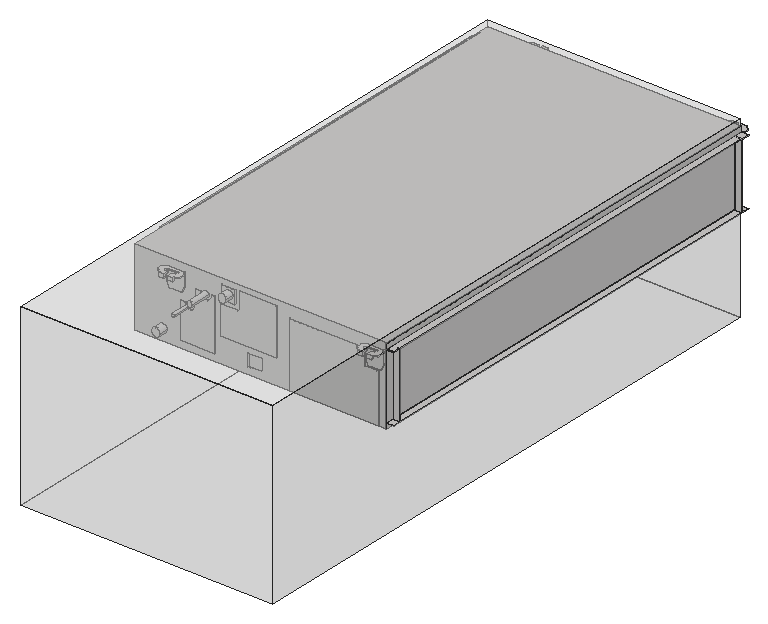
Revit family "outputfile", category 機械設備, Revit 2024
Family settings
  丸型コネクタ寸法 = 半径を使用
  パーツ タイプ = 標準
  OmniClass 番号 = 23.75.10.24.21.27.27
  OmniClass タイトル = Split System Air Conditioning Units
  作業面ベース = いいえ
  常に垂直 = はい
  ロード時にボイドで切り取り = いいえ
  注釈の向きを維持 = いいえ
  共有 = いいえ
  部屋計算ポイント = はい
Parameters (values of type "FXSA100AVMS")
  製造元 = "Daikin"
  書き出し IFC クラス(タイプ) = "IfcUnitaryEquipmentType"
  定義済み IFC タイプ(タイプ) = "AIRCONDITIONINGUNIT"
  モデル = "FXSA100AVMS"
  switch_frequency = yes
  r_Liquid Pipe Size = Liquid Pipe Size / 2  # 4.75 mm
  r_Gas Pipe Size = Gas Pipe Size / 2  # 7.95 mm
  r_Drain Pipe Size = Drain Pipe Size / 2  # 12.5 mm
  lw_power = 770.0 mm
  lh_SA = 138.0 mm
  lw_SA = if(Width = 550.0 mm, 225.0 mm, if(Width = 700.0 mm, 300.0 mm, if(Width = 1000.0 mm, 450.0 mm, if(Width = 1400.0 mm, 650.0 mm, 725.0 mm))))  # 650.0 mm
  lw_RA = if(Width = 550.0 mm, 275.0 mm, if(Width = 700.0 mm, 349.0 mm, if(Width = 1000.0 mm, 499.0 mm, if(Width = 1400.0 mm, 699.0 mm, 775.0 mm))))  # 699.0 mm
  lh_power = 60.0 mm + [h***]  # 60.0 mm
  lh_mountinghole1 = lh_mountinghole + [h***]  # 222.0 mm
  lh_RA = 123.0 mm
  ld_power = Width / 2  # 700.0 mm
  connector_voltage = Voltage_50Hz  # 220 V
  connector_powerinput = [Power Input (Cooling)]  # 0.151 kW
  connector_phase = Phase_50Hz  # 1
  Voltage_comment_50Hz = "220"
  Voltage_50Hz = 220 V
  Total Heating Capacity [instance] = 0.000 kW
  Supply Air Direction [instance] = yes
  Sound Power Level_H speed (dB) = 67
  Power Input (Heating) = 0.146 kW
  Phase_50Hz = 1
  Nominal Heating Capacity = 12.500 kW
  Minimum External Static Pressure = 50.00 Pa
  Minimum Circuit Amps_50Hz = 2.5 A
  Maximum Fuse Amps_50Hz = 16.0 A
  Maximum External Static Pressure = 150.00 Pa
  Material_Casing = DAIKIN_GalvanizedSteel_Casing_indoorunit
  lw_mountinghole = 630.0 mm
  lh_gaspipe = 183.0 mm + [h***]  # 183.0 mm
  lh_mountinghole = 222.0 mm
  lh_liquidpipe = 136.0 mm + [h***]  # 136.0 mm
  lh_drainpipe = 207.0 mm + [h***]  # 207.0 mm
  lh_antena = Height - lh_mountinghole + 1.0 mm  # 24.0 mm
  ld_drainpipe = Width / 2 + 26.0 mm  # 726.0 mm
  ld_liquidpipe = 769.0 mm
  ld_gaspipe = Width / 2 + 65.0 mm  # 765.0 mm
  ld_mountinghole = Width + 38.0 mm  # 1438.0 mm
  h*** = 0.0 mm
  lw_liquidpipe = 179.0 mm
  lw_gaspipe = 229.0 mm
  lw_drainpipe = 300.0 mm
  Width = 1400.0 mm
  Version = "ver.1.0"
  Unit Type = "Duct_M.S.P."
  Unit Mass Weight = 46.00 kg
  Unit Designation [instance] = ""
  Uniclass2015Version = "Products v1.30"
  Uniclass2015Title = "Variable refrigerant flow units"
  Uniclass2015Code = "Pr_70_65_03_94"
  Total Cooling Capacity [instance] = 0.000 kW
  Sound Pressure Level_M speed (dBA) = 35
  Sound Pressure Level_L speed (dBA) = 32
  Sound Pressure Level_H speed (dBA) = 39
  Series = "VRV Fan Coil Unit"
  Sensible Cooling Capacity [instance] = 0.000 kW
  SA Duct Size Width = 1192.0 mm
  SA Duct Size Height = 176.0 mm
  Refrigerant Type = "R32"
  RA Duct Size Width = 1352.0 mm
  RA Duct Size Height = 208.0 mm
  Power Input (Cooling) = 0.151 kW
  Option Accessory 3 [instance] = ""
  Option Accessory 2 [instance] = ""
  Option Accessory 1 [instance] = ""
  Nominal Cooling Capacity = 11.200 kW
  Minimum Airflow = 1350.00 m³/h
  Median Airflow = 1620.00 m³/h
  Maximum Airflow = 1920.00 m³/h
  Load Classification = HVAC
  Liquid Pipe Size = 9.5 mm
  Link_Nested Family [instance] = ""
  IfcVersion = ""
  IfcExportType = "AIRCONDITIONINGUNIT"
  IfcExportAs = "IfcUnitaryEquipmentType"
  Height = 245.0 mm
  Heating Entering Wet Bulb Temperature [instance] = -273.15 °C
  Heating Entering Dry Bulb Temperature [instance] = -273.15 °C
  Heating Ambient Wet Bulb Temperature [instance] = -273.15 °C
  Heating Ambient Dry Bulb Temperature [instance] = -273.15 °C
  Heat Exchanger Type = "Cross Fin Coil"
  Gas Pipe Size = 15.9 mm
  Frequency_50Hz = 50 Hz
  Fan Type = "Sirocco Fan"
  Fan Drive = "Direct Drive"
  FCU Tag No. [instance] = ""
  Drain Pipe Size = 25.0 mm
  Design Supply Airflow [instance] = 0.00 m³/h
  Design Return Airflow [instance] = 0.00 m³/h
  Design External Static Pressure [instance] = 0.00 Pa
  Depth = 800.0 mm
  既定の高さ = 0.0 mm
  Cooling Entering Wet Bulb Temperature [instance] = 0.00 °C
  Cooling Entering Dry Bulb Temperature [instance] = 0.00 °C
  Cooling Ambient Wet Bulb Temperature [instance] = 0.00 °C
  Cooling Ambient Dry Bulb Temperature [instance] = 0.00 °C
  Clearance visibility [instance] = yes
  Clearance Top = 20.0 mm
  Clearance Right = 0.0 mm
  Clearance Rear = 0.0 mm
  Clearance Left = 0.0 mm
  Clearance Front = 450.0 mm
  Clearance Bottom = 300.0 mm
Reference planes
  plane 1 "Center (Front/Back)": y = 0
  plane 2 "h": z = 0
  plane 3 "Center (Left/Right)": x = 0
  plane 4 "Back": y = 700
  plane 5 "Front": y = -700
  plane 6 "Left": x = -400
  plane 7 "Right": x = 400
  plane 8 "Top": z = 0
  plane 9 "Bottom": z = -245
  plane 10: y = -215
  plane 11: y = 700
  plane 12: y = -1150
  plane 13: x = -400
  plane 14: x = 400
  plane 15: z = 20
  plane 16: z = -545
  plane 17: x = -400
  plane 18: x = -399
  plane 19: x = 399
  plane 20: y = 50
  plane 21: y = -1
  plane 22: z = -122
  plane 23: y = -701
  plane 24: z = -109
  plane 25: x = -221
  plane 26: y = -765
  plane 27: z = -62
  plane 28: x = -171
  plane 29: y = -726
  plane 30: z = -38
  plane 31: x = -100
  plane 32: x = -100
  plane 33: x = -221
  plane 34: x = -171
  plane 35: x = 370
  plane 36: x = -266
  plane 37: x = 364
  plane 38: y = -719
  plane 39: y = 719
  plane 40: z = -23
  plane 41: z = -107
  plane 42: y = -769
  plane 43: z = -207
  plane 44: x = -309
  plane 45: y = -376
  plane 46: x = -251
  plane 47: x = -203
  plane 48: x = -144
  plane 49: z = -59
  plane 50: z = -106
  plane 51: z = -221
  plane 52: z = -109
  plane 53: x = -221
  plane 54: z = -62
  plane 55: x = -171
  plane 56: z = -17
  plane 57: z = -59
  plane 58: x = -121
  plane 59: x = -79
  plane 60: x = -125
  plane 61: x = -64
  plane 62: x = 53
  plane 63: z = -164
  plane 64: z = -73
  plane 65: z = -16
  plane 66: x = 93.5
  plane 67: x = 374.5
  plane 68: x = 330
  plane 69: z = -88.5
  plane 70: z = -38
  plane 71: z = -242.5
  plane 72: x = -38.5
  plane 73: x = 6.5
  plane 74: z = -181
  plane 75: z = -221
  plane 76: y = -699
  plane 77: x = -424
  plane 78: x = 424
Forms (mm)
  Extrusion 1, solid, material "DAIKIN_GalvanizedSteel_Casing_indoorunit" <- "Material_Casing"
    sketch origin (0, 0, 0) x (1, 0, 0) y (0, 1, 0)
      loop
        line (-399, 700) -> (-399, -700) -> (399, -700) -> (399, 700) -> (-399, 700)
    from -245 to 0
  Extrusion 2, solid, material "DAIKIN_GalvanizedSteel_Casing_indoorunit" <- "Material_Casing"
    sketch origin (0, 0, 0) x (1, 0, 0) y (0, 0, 1)
      loop
        line (-251, -221) -> (-144, -221) -> (-144, -59) -> (-154.47, -59)
        arc (-154.47, -59) -> (-171, -78.8) -> (-187.53, -59) r 16.8
        line (-187.53, -59) -> (-203, -59) -> (-203, -106) -> (-206.916, -106)
        arc (-206.916, -106) -> (-221, -123.4) -> (-235.084, -106) r 14.4
        line (-235.084, -106) -> (-251, -106) -> (-251, -221)
    from 700 to 701
  Extrusion 3, solid, material "DAIKIN_GalvanizedSteel_Casing_indoorunit" <- "Material_Casing"
    sketch origin (0, 0, 0) x (1, 0, 0) y (0, 0, 1)
      loop
        line (-121, -17) -> (-121, -59) -> (-79, -59) -> (-79, -17) -> (-121, -17)
      loop
        line (-125, -73) -> (-125, -164) -> (53, -164) -> (53, -16) -> (-64, -16) -> (-64, -73) -> (-125, -73)
    from 700 to 701
  Extrusion 4, solid, material "DAIKIN_GalvanizedSteel_Casing_indoorunit" <- "Material_Casing"
    sketch origin (0, 0, 0) x (1, 0, 0) y (0, 0, 1)
      loop
        line (93.5, -38) -> (93.5, -242.5) -> (374.5, -242.5) -> (374.5, -88.5) -> (330, -88.5) -> (330, -38) -> (93.5, -38)
    from 700 to 701
  Extrusion 5, solid, material "DAIKIN_GalvanizedSteel_Casing_indoorunit" <- "Material_Casing"
    sketch origin (0, 0, 0) x (1, 0, 0) y (0, 0, 1)
      loop
        circle (-221, -109) r 4.75
    from 700 to 769
  Extrusion 6, solid, material "DAIKIN_GalvanizedSteel_Casing_indoorunit" <- "Material_Casing"
    sketch origin (0, 0, 0) x (1, 0, 0) y (0, 0, 1)
      loop
        circle (-171, -62) r 7.95
    from 700 to 765
  Extrusion 7, solid, material "DAIKIN_GalvanizedSteel_Casing_indoorunit" <- "Material_Casing"
    sketch origin (0, 0, 0) x (1, 0, 0) y (0, 0, 1)
      loop
        circle (-100, -38) r 12.5
    from 701 to 726
  Extrusion 8, solid, material "DAIKIN_GalvanizedSteel_Casing_indoorunit" <- "Material_Casing"
    sketch origin (0, 0, 0) x (1, 0, 0) y (0, 0, 1)
      loop
        circle (-309, -207) r 13
    from 700 to 726
  Extrusion 9, void
    sketch origin (0, 0, 0) x (1, 0, 0) y (0, 0, 1)
      loop
        line (-38.5, -181) -> (-38.5, -221) -> (6.5, -221) -> (6.5, -181) -> (-38.5, -181)
    from 699 to 700
Cuts and joins
  Extrusion 9 cuts Extrusion 1
Dimensions and locks
  "Height": plane 8 "Top" to plane 9 "Bottom"
  equal spacing: plane 4 "Back", plane 1 "Center (Front/Back)", plane 5 "Front"
  "Width": plane 4 "Back" to plane 5 "Front"
  equal spacing: plane 6 "Left", plane 3 "Center (Left/Right)", plane 7 "Right"
  "Depth": plane 6 "Left" to plane 7 "Right"
  "Clearance Left": plane 13 to plane 6 "Left"
  "Clearance Right": plane 7 "Right" to plane 14
  "Clearance Rear": plane 11 to plane 4 "Back"
  "Clearance Front": plane 5 "Front" to plane 12
  "Clearance Top": plane 15 to plane 8 "Top"
  "Clearance Bottom": plane 9 "Bottom" to plane 16
  locked: plane 17 to plane 18 at 1
  locked: plane 19 to plane 14 at 1
  "lw_SA": plane 11 to plane 20
  "lw_RA": plane 21 to plane 5 "Front"
  "lh_RA": plane 22 to plane 9 "Bottom"
  locked: plane 5 "Front" to plane 23 at 1
  "lw_liquidpipe": plane 25 to plane 6 "Left"
  "lh_liquidpipe": plane 24 to plane 9 "Bottom"
  "lh_gaspipe": plane 27 to plane 9 "Bottom"
  "lw_gaspipe": plane 28 to plane 6 "Left"
  "ld_gaspipe": plane 26 to plane 1 "Center (Front/Back)"
  "ld_drainpipe": plane 29 to plane 1 "Center (Front/Back)"
  "lh_drainpipe": plane 30 to plane 9 "Bottom"
  "lw_drainpipe": plane 31 to plane 6 "Left"
  "lw_drainpipe": plane 6 "Left" to plane 32
  "lw_liquidpipe": plane 6 "Left" to plane 33
  "lw_gaspipe": plane 6 "Left" to plane 34
  "lw_power": plane 6 "Left" to plane 35
  locked: plane 17 to plane 36 at 134
  "lw_mountinghole": plane 36 to plane 37
  equal spacing: plane 38, plane 1 "Center (Front/Back)", plane 39
  "ld_mountinghole": plane 39 to plane 38
  "lh_mountinghole": plane 40 to plane 9 "Bottom"
  "lh_SA": plane 41 to plane 9 "Bottom"
  locked: plane 44 to plane 6 "Left" at 91
  locked: plane 43 to plane 9 "Bottom" at 38
  plane 48 to plane 47 to plane 46 to plane 6 "Left" = 59.0 mm, 48.0 mm, 149.0 mm
  plane 8 "Top" to plane 49 to plane 50 to plane 51 = 59.0 mm locked, 47.0 mm locked, 115.0 mm locked
  plane 55 to plane 53 to plane 6 "Left" = 50.0 mm locked, 179.0 mm locked
  plane 54 to plane 52 to plane 9 "Bottom" = 47.0 mm locked, 136.0 mm locked
  plane 59 to plane 58 to plane 6 "Left" = 42.0 mm locked, 279.0 mm locked
  plane 8 "Top" to plane 56 to plane 57 = 17.0 mm locked, 42.0 mm locked
  plane 62 to plane 61 to plane 60 to plane 6 "Left" = 117.0 mm, 61.0 mm, 275.0 mm
  plane 8 "Top" to plane 65 to plane 64 = 16.0 mm locked, 57.0 mm locked
  locked: plane 65 to plane 63 at 148
  plane 8 "Top" to plane 70 to plane 69 to plane 71 = 38.0 mm locked, 50.5 mm locked, 154.0 mm locked
  plane 67 to plane 68 to plane 66 to plane 6 "Left" = 44.5 mm locked, 236.5 mm locked, 493.5 mm locked
  plane 8 "Top" to plane 74 to plane 75 = 181.0 mm locked, 40.0 mm locked
  plane 73 to plane 72 to plane 6 "Left" = 45.0 mm, 361.5 mm
  locked: plane 76 to plane 5 "Front" at 1
  locked: plane 77 to plane 17 at 24
  locked: plane 14 to plane 78 at 24
  "ld_liquidpipe": plane 42 to plane 1 "Center (Front/Back)"
  "r_Liquid Pipe Size": radius of Extrusion 5 sketch curve
  "r_Gas Pipe Size": radius of Extrusion 6 sketch curve
  "r_Drain Pipe Size": radius of Extrusion 7 sketch curve
  aligned and locked: level to plane 2 "h"
  aligned and locked: plane 8 "Top" to Extrusion 1
  aligned and locked: Extrusion 1 to plane 9 "Bottom"
  aligned and locked: nested 5 to plane 12
  aligned and locked: plane 13 to nested 5
  aligned and locked: plane 14 to nested 5
  aligned and locked: nested 5 to plane 13
  aligned and locked: plane 11 to nested 5
  aligned and locked: plane 15 to nested 5
  aligned and locked: plane 16 to nested 5
  aligned and locked: plane 5 "Front" to Extrusion 1 sketch curve
  aligned and locked: Extrusion 1 to plane 18
  aligned and locked: plane 19 to Extrusion 1
  aligned and locked: nested 7 to plane 18
  aligned and locked: nested 7 to plane 20
  aligned and locked: plane 19 to nested 8
  aligned and locked: plane 21 to nested 8
  aligned and locked: plane 22 to nested 8
  aligned and locked: Extrusion 2 to plane 23
  aligned and locked: plane 5 "Front" to Extrusion 2
  aligned and locked: Extrusion 3 to plane 23
  aligned and locked: plane 5 "Front" to Extrusion 3
  aligned and locked: plane 5 "Front" to Extrusion 4
  aligned and locked: Extrusion 5 sketch curve to plane 25
  aligned and locked: plane 24 to Extrusion 5 sketch curve
  aligned and locked: plane 5 "Front" to Extrusion 5
  aligned and locked: Extrusion 6 sketch curve to plane 28
  aligned and locked: plane 27 to Extrusion 6 sketch curve
  aligned and locked: plane 5 "Front" to Extrusion 6
  aligned and locked: Extrusion 7 sketch curve to plane 31
  aligned and locked: Extrusion 7 sketch curve to plane 30
  aligned and locked: Extrusion 7 to plane 29
  aligned and locked: plane 23 to Extrusion 7
  aligned and locked: nested 3 to plane 29
  aligned and locked: nested 3 to plane 32
  aligned and locked: nested 2 to plane 33
  aligned and locked: nested 1 to plane 34
  aligned and locked: Extrusion 6 to plane 26
  aligned and locked: nested 1 to plane 26
  aligned and locked: nested 6 to plane 5 "Front"
  aligned and locked: nested 6 to plane 35
  aligned and locked: plane 36 to nested 10
  aligned and locked: nested 10 to plane 5 "Front"
  aligned and locked: plane 37 to nested 9
  aligned and locked: nested 9 to plane 5 "Front"
  aligned and locked: nested 11 to plane 36
  aligned and locked: plane 4 "Back" to nested 11
  aligned and locked: nested 12 to plane 37
  aligned and locked: plane 4 "Back" to nested 12
  aligned and locked: plane 40 to nested 10
  aligned and locked: plane 40 to nested 11
  aligned and locked: plane 40 to nested 9
  aligned and locked: plane 40 to nested 12
  aligned and locked: plane 36 to nested 14
  aligned and locked: nested 14 to plane 39
  aligned and locked: plane 37 to nested 13
  aligned and locked: nested 13 to plane 39
  aligned and locked: plane 37 to nested 16
  aligned and locked: plane 38 to nested 16
  aligned and locked: plane 38 to nested 15
  aligned and locked: plane 36 to nested 15
  aligned and locked: plane 17 to plane 6 "Left"
  aligned and locked: plane 41 to nested 7
  aligned and locked: Extrusion 5 to plane 42
  aligned and locked: nested 2 to plane 42
  aligned and locked: Extrusion 8 sketch curve to plane 44
  aligned and locked: plane 43 to Extrusion 8 sketch curve
  aligned and locked: plane 5 "Front" to Extrusion 8
  aligned and locked: Extrusion 3 sketch curve to plane 56
  aligned and locked: Extrusion 3 sketch curve to plane 58
  aligned and locked: plane 57 to Extrusion 3 sketch curve
  aligned and locked: plane 59 to Extrusion 3 sketch curve
  aligned and locked: Extrusion 4 to plane 23
  aligned and locked: Extrusion 9 sketch curve to plane 74
  aligned and locked: plane 75 to Extrusion 9 sketch curve
  aligned and locked: plane 73 to Extrusion 9 sketch curve
  aligned and locked: plane 5 "Front" to Extrusion 9
  aligned and locked: plane 76 to Extrusion 9
  aligned and locked: nested 17 to plane 20
  aligned and locked: nested 17 to plane 77
  aligned and locked: plane 21 to nested 18
  aligned and locked: plane 78 to nested 18
  aligned and locked: plane 41 to nested 17
  aligned and locked: nested 18 to plane 22
  aligned and locked: nested 4 to plane 3 "Center (Left/Right)"
  aligned and locked: plane 1 "Center (Front/Back)" to nested 4
  aligned and locked: level to plane 8 "Top"
  aligned and locked: Extrusion 8 to plane 29
Automatic sketch dimensions
  plane 6 "Left" to Extrusion 1 sketch curve = 1.0 mm
  Extrusion 1 sketch curve to plane 7 "Right" = 1.0 mm
  Extrusion 1 sketch curve to plane 4 "Back" = 0.0 mm
  Extrusion 2 sketch curve to plane 46 = 0.0 mm
  Extrusion 2 sketch curve to plane 33 = 0.0 mm
  Extrusion 2 sketch curve to plane 47 = 0.0 mm
  Extrusion 2 sketch curve to plane 34 = 0.0 mm
  Extrusion 2 sketch curve to plane 48 = 0.0 mm
  Extrusion 2 sketch curve to plane 51 = 0.0 mm
  Extrusion 2 sketch curve to plane 52 = 0.0 mm
  Extrusion 2 sketch curve to plane 50 = 0.0 mm  (x3)
  Extrusion 2 sketch curve to plane 54 = 0.0 mm
  Extrusion 2 sketch curve to plane 49 = 0.0 mm  (x3)
  plane 33 to Extrusion 2 sketch curve = 14.084 mm
  plane 34 to Extrusion 2 sketch curve = 16.53 mm
  Extrusion 3 sketch curve to plane 60 = 0.0 mm
  Extrusion 3 sketch curve to plane 61 = 0.0 mm
  Extrusion 3 sketch curve to plane 62 = 0.0 mm
  Extrusion 3 sketch curve to plane 63 = 0.0 mm
  Extrusion 3 sketch curve to plane 64 = 0.0 mm
  Extrusion 3 sketch curve to plane 65 = 0.0 mm
  Extrusion 4 sketch curve to plane 66 = 0.0 mm
  Extrusion 4 sketch curve to plane 68 = 0.0 mm
  Extrusion 4 sketch curve to plane 67 = 0.0 mm
  Extrusion 4 sketch curve to plane 71 = 0.0 mm
  Extrusion 4 sketch curve to plane 69 = 0.0 mm
  Extrusion 4 sketch curve to plane 70 = 0.0 mm
  Extrusion 9 sketch curve to plane 72 = 0.0 mm
  radius of Extrusion 8 sketch curve = 13.0 mm
Nested families
  nested 1: "daikin_connector_rotate2" at (-171, 0, -62), length <- "ld_gaspipe", built-in parameter 1001364 <- "lh_gaspipe", radius <- "r_Gas Pipe Size", type "daikin_connector_rotate2"
    with radius 7.95 mm, length 765.0 mm, angle_vertical 90.00°
  nested 2: "daikin_connector_rotate2" at (-221, 0, -109), length <- "ld_liquidpipe", built-in parameter 1001364 <- "lh_liquidpipe", radius <- "r_Liquid Pipe Size", type "daikin_connector_rotate2"
    with radius 4.75 mm, length 769.0 mm, angle_vertical 90.00°
  nested 3: "daikin_connector_rotate2" at (-100, 0, -38), length <- "ld_drainpipe", built-in parameter 1001364 <- "lh_drainpipe", radius <- "r_Drain Pipe Size", type "daikin_connector_rotate2"
    with radius 12.5 mm, length 726.0 mm, angle_vertical 90.00°
  nested 4: "daikin_△_symbolicline" at (0, 0, 245) x (0, -1, 0) z (0, 0, 1), built-in parameter 1001364 <- "Height", visible <- "Supply Air Direction", type "daikin_△_symbolicline"
    with length 200.0 mm
  nested 5: "daikin_clearancespace" at (0, -225, -262.381), visible <- "Clearance visibility", show <- "Clearance visibility", Link_Nested Family <- "Link_Nested Family", type "daikin_clearancespace"
    with width 800.0 mm, show yes, height 565.0 mm, depth 1850.0 mm, Link_Nested Family ""
  nested 6: "daikin_connector_rotate2" at (370, 0, -185), built-in parameter 1001364 <- "lh_power", length <- "ld_power", type "daikin_connector_rotate2"
    with radius 10.0 mm, length 700.0 mm, angle_vertical 90.00°
  nested 7: "daikin_ductflange_FXSA-AVMS2" at (-399, 50, -107) x (0, -1, 0) z (0, 0, 1), type "daikin_ductflange_FXSA-AVMS2"
    with width 1192.0 mm, w 1400.0 mm
  nested 8: "daikin_ductflange_FXSA-AVMS" at (399, -1, -122) x (0, 1, 0) z (0, 0, 1), type "daikin_ductflange_FXSA-AVMS"
    with width 1352.0 mm, lw 25.0 mm, w 1400.0 mm
  nested 9: "FXFSA-AVM" at (364, -700, -23), type "daikin_hangerfixture_FXFSA-AVM"
  nested 10: "FXFSA-AVM" at (-266, -700, -23), type "daikin_hangerfixture_FXFSA-AVM"
  nested 11: "FXFSA-AVM" at (-266, 700, -23) x (-1, 0, 0) z (0, 0, 1), type "daikin_hangerfixture_FXFSA-AVM"
  nested 12: "FXFSA-AVM" at (364, 700, -23) x (-1, 0, 0) z (0, 0, 1), type "daikin_hangerfixture_FXFSA-AVM"
  nested 13: "daikin_mountinghole" at (364, 719, -245), h_mountinghole <- "lh_mountinghole1", l_antenna <- "lh_antena", Link_Nested Family <- "Link_Nested Family", type "daikin_mountinghole"
    with show yes, l_antenna 24.0 mm, h_mountinghole 222.0 mm, Link_Nested Family ""
  nested 14: "daikin_mountinghole" at (-266, 719, -245), h_mountinghole <- "lh_mountinghole1", l_antenna <- "lh_antena", Link_Nested Family <- "Link_Nested Family", type "daikin_mountinghole"
    with show yes, l_antenna 24.0 mm, h_mountinghole 222.0 mm, Link_Nested Family ""
  nested 15: "daikin_mountinghole" at (-266, -719, -245), h_mountinghole <- "lh_mountinghole1", l_antenna <- "lh_antena", Link_Nested Family <- "Link_Nested Family", type "daikin_mountinghole"
    with show yes, l_antenna 24.0 mm, h_mountinghole 222.0 mm, Link_Nested Family ""
  nested 16: "daikin_mountinghole" at (364, -719, -245), h_mountinghole <- "lh_mountinghole1", l_antenna <- "lh_antena", Link_Nested Family <- "Link_Nested Family", type "daikin_mountinghole"
    with show yes, l_antenna 24.0 mm, h_mountinghole 222.0 mm, Link_Nested Family ""
  nested 17: "daikin_connector_rotate2" at (-400, 50, -107) x (0, -1, 0) z (0, 0, 1), type "daikin_connector_rotate2"
    with radius 10.0 mm, length 24.0 mm, angle_vertical 90.00°
  nested 18: "daikin_connector_rotate2" at (400, -1, -122) x (0, 1, 0) z (0, 0, 1), type "daikin_connector_rotate2"
    with radius 10.0 mm, length 24.0 mm, angle_vertical 90.00°
Connectors
  piping at (-100, -726, -38), diameter 25, driven by "r_Drain Pipe Size"
    settings: on nested 3, index 3, connector inside diameter 609.6 mm, connector length 0.0 mm, flow factor 0, pipe flow 0.00 m³/h, pressure drop 0.0 Pa, fitting loss kfactor 0, connector angle 0.00°, fixture units 0, engagement length 0.0 mm, angle of deflection 0.00°, flow configuration 1, flow direction 2, fitting loss method 4, system type 16, joint type 0, gender type 0, connector reference index -1, connector utility 0, adjustable connector no, is connector primary yes, connector description "Condensate Drain Piping"
  piping at (-171, -765, -62), diameter 15.9, driven by "r_Gas Pipe Size"
    settings: on nested 1, index 4, connector inside diameter 609.6 mm, connector length 0.0 mm, flow factor 0, pipe flow 0.00 m³/h, pressure drop 0.0 Pa, fitting loss kfactor 0, connector angle 0.00°, fixture units 0, engagement length 0.0 mm, angle of deflection 0.00°, flow configuration 1, flow direction 2, fitting loss method 0, system type 29, joint type 0, gender type 0, connector reference index -1, connector utility 0, adjustable connector no, is connector primary no, connector description "Refrigerant Gas Piping"
  piping at (-221, -769, -109), diameter 9.5, driven by "r_Liquid Pipe Size"
    settings: on nested 2, index 5, connector inside diameter 609.6 mm, connector length 0.0 mm, flow factor 0, pipe flow 0.00 m³/h, pressure drop 0.0 Pa, fitting loss kfactor 0, connector angle 0.00°, fixture units 0, engagement length 0.0 mm, angle of deflection 0.00°, flow configuration 1, flow direction 1, fitting loss method 0, system type 29, joint type 0, gender type 0, connector reference index -1, connector utility 0, adjustable connector no, is connector primary no, connector description "Refrigerant Liquid Piping"
  electrical at (370, -700, -185), driven by "Load Classification", driven by "connector_voltage", driven by "connector_phase", driven by "connector_powerinput"
    settings: on nested 6, index 6, voltage 220 V, apparent load 151 VA, apparent load phase1 0 VA, apparent load phase2 0 VA, apparent load phase3 0 VA, power factor 1, load classification "HVAC", number of poles 1, system type 30, power factor state 1, is connector primary yes, connector utility no, sub classification motor no, connector description "Power Supply"
  hvac at (-424, 50, -107), driven by "SA Duct Size Height", driven by "SA Duct Size Width"
    settings: on nested 17, index 7, duct flow 0.00 m³/h, flow factor 0, pres drop 0.00 Pa, loss coef 0, conn angle 0.00°, conn width 1192.0 mm, conn height 176.0 mm, conn diameter 609.6 mm, duct sys type 1, conn prof type 1, flow config 0, flow direction 2, loss method 4, conn ref index -1, conn util no, is conn primary yes, conn desc "SA Duct"
  hvac at (424, -1, -122), driven by "RA Duct Size Height", driven by "RA Duct Size Width"
    settings: on nested 18, index 8, duct flow 0.00 m³/h, flow factor 0, pres drop 0.00 Pa, loss coef 0, conn angle 0.00°, conn width 1352.0 mm, conn height 208.0 mm, conn diameter 609.6 mm, duct sys type 2, conn prof type 1, flow config 0, flow direction 1, loss method 4, conn ref index -1, conn util no, is conn primary no, conn desc "RA Duct"
Definition of nested family "daikin_clearancespace"
  Parameters (values of type "daikin_clearancespace")
    Description = "daikin_clearancespace"
    width [instance] = 1823.963 mm
    show [instance] = yes
    material = none
    height [instance] = 1359.762 mm
    depth [instance] = 880.0 mm
    Default Elevation = 0.0 mm
    Link_Nested Family [instance] = ""
  Reference planes
    plane 1 "Center (Front/Back)": y = 0
    plane 2 "Center (Elevation)": z = -0.119
    plane 3 "Center (Left/Right)": x = 0
    plane 4: y = 440
    plane 5: y = -440
    plane 6 "Right": x = 911.982
    plane 7 "Left": x = -911.982
    plane 8 "Top": z = 679.762
    plane 9 "Bottom": z = -680
  Forms (mm)
    Extrusion 1, solid, material <- "material", visible <- "show"
      sketch origin (0, 0, 0) x (1, 0, 0) y (0, 1, 0)
        loop
          line (-911.982, 440) -> (-911.982, -440) -> (911.982, -440) -> (911.982, 440) -> (-911.982, 440)
      from -680 to 679.762
  Lines and regions (mm)
    symbolic lines, visible <- "show"
      curve 1: line (911.982, 440, 0) -> (-911.982, 440, 0)
      curve 2: line (-911.982, 440, 0) -> (-911.982, -440, 0)
      curve 3: line (-911.982, -440, 0) -> (911.982, -440, 0)
      curve 4: line (911.982, -440, 0) -> (911.982, 440, 0)
      curve 5: line (911.982, 0, 679.762) -> (-911.982, 0, 679.762)
      curve 6: line (911.982, 0, -680) -> (911.982, 0, 679.762)
      curve 7: line (-911.982, 0, -680) -> (911.982, 0, -680)
      curve 8: line (-911.982, 0, 679.762) -> (-911.982, 0, -680)
      curve 9: line (0, 440, 679.762) -> (0, -440, 679.762)
      curve 10: line (0, -440, 679.762) -> (0, -440, -680)
      curve 11: line (0, 440, -680) -> (0, 440, 679.762)
      curve 12: line (0, -440, -680) -> (0, 440, -680)
  Dimensions and locks
    "width": plane 7 "Left" to plane 6 "Right"
    "depth": plane 4 to plane 5
    "height": plane 8 "Top" to plane 9 "Bottom"
    equal spacing: plane 7 "Left", plane 3 "Center (Left/Right)", plane 6 "Right"
    equal spacing: plane 4, plane 1 "Center (Front/Back)", plane 5
    equal spacing: plane 8 "Top", plane 2 "Center (Elevation)", plane 9 "Bottom"
    aligned and locked: level to plane 2 "Center (Elevation)"
    aligned and locked: Extrusion 1 sketch curve to plane 4
    aligned and locked: plane 7 "Left" to Extrusion 1 sketch curve
    aligned and locked: Extrusion 1 sketch curve to plane 5
    aligned and locked: Extrusion 1 sketch curve to plane 6 "Right"
    aligned and locked: plane 8 "Top" to Extrusion 1
    aligned and locked: curve 1 to Extrusion 1
    aligned and locked: curve 2 to Extrusion 1
    aligned and locked: curve 3 to Extrusion 1
    aligned and locked: curve 4 to Extrusion 1
    aligned and locked: curve 5 to Extrusion 1
    aligned and locked: curve 6 to Extrusion 1
    aligned and locked: curve 7 to Extrusion 1
    aligned and locked: curve 8 to Extrusion 1
    aligned and locked: curve 9 to Extrusion 1
    aligned and locked: curve 10 to Extrusion 1
    aligned and locked: curve 11 to Extrusion 1
    aligned and locked: curve 12 to Extrusion 1
    aligned and locked: Extrusion 1 to plane 9 "Bottom"
Definition of nested family "daikin_ductflange_FXSA-AVMS2"
  Parameters (values of type "daikin_ductflange_FBA-BVMA2")
    width = if(w = 550.0 mm, 337.0 mm, if(w = 700.0 mm, 492.0 mm, if(w = 1000.0 mm, 792.0 mm, if(w = 1400.0 mm, 1192.0 mm, 1337.0 mm))))  # 492.0 mm
    w1 = if(w = 550.0 mm, 24.0 mm, if(w = 700.0 mm, 21.5 mm, if(w = 1000.0 mm, 21.5 mm, if(w = 1400.0 mm, 21.5 mm, 24.0 mm))))  # 21.5 mm
    material = none
    height = 215.0 mm
    depth = 1.0 mm
    w = 700.0 mm
    Default Elevation = 0.0 mm
  Reference planes
    plane 1 "Center (Front/Back)": y = 0
    plane 2: z = 0
    plane 3 "Center (Left/Right)": x = 0
    plane 4: z = 88
    plane 5: z = -88
    plane 6: y = -25
    plane 7: z = 106
    plane 8: z = 89
    plane 9: y = -1
    plane 10: x = -267.5
    plane 11: x = 267.5
    plane 12: z = -106
    plane 13: z = -89
    plane 14: y = -1
    plane 15: x = 246
    plane 16: x = -246
    plane 17: x = 247
    plane 18: z = 87
    plane 19: z = -87
    plane 20: x = -247
    plane 21: z = 87
    plane 22: z = -87
    plane 23: y = -1
  Forms (mm)
    Extrusion 1, solid, material <- "material"
      sketch origin (0, 0, 0) x (0, 1, 0) y (0, 0, 1)
        loop
          line (-25, 88) -> (0, 88) -> (0, 106) -> (-1, 106) -> (-1, 89) -> (-25, 89) -> (-25, 88)
      from -267.5 to 267.5
    Extrusion 2, solid, material <- "material"
      sketch origin (0, 0, 0) x (0, 1, 0) y (0, 0, 1)
        loop
          line (-25, -88) -> (-25, -89) -> (-1, -89) -> (-1, -106) -> (0, -106) -> (0, -88) -> (-25, -88)
      from -267.5 to 267.5
    Extrusion 3, solid, material <- "material"
      sketch origin (0, 0, 0) x (1, 0, 0) y (0, 0, 1)
        loop
          line (246, 88) -> (246, -88) -> (267.5, -88) -> (267.5, -87) -> (247, -87) -> (247, 87) -> (267.5, 87) -> (267.5, 88) -> (246, 88)
      from 0 to 25
    Extrusion 4, solid, material <- "material"
      sketch origin (0, 0, 0) x (1, 0, 0) y (0, 0, 1)
        loop
          line (-267.5, 88) -> (-267.5, 87) -> (-247, 87) -> (-247, -87) -> (-267.5, -87) -> (-267.5, -88) -> (-246, -88) -> (-246, 88) -> (-267.5, 88)
      from 0 to 25
    Extrusion 5, solid, material <- "material"
      sketch origin (0, 0, 0) x (1, 0, 0) y (0, 0, 1)
        loop
          line (-267.5, 88) -> (-267.5, -88) -> (-246, -88) -> (-246, 88) -> (-267.5, 88)
        loop
          line (267.5, 88) -> (246, 88) -> (246, -88) -> (267.5, -88) -> (267.5, 88)
      from 0 to 1
  Cuts and joins
    joined: Extrusion 1, Extrusion 2, Extrusion 3, Extrusion 4, Extrusion 5
  Dimensions and locks
    plane 4 to level to plane 5 = 88.0 mm, 88.0 mm
    locked: plane 6 to plane 1 "Center (Front/Back)" at 25
    locked: plane 9 to plane 1 "Center (Front/Back)" at 1
    locked: plane 8 to plane 4 at 1
    "w1": plane 16 to plane 10
    locked: plane 17 to plane 15 at 1
    locked: plane 4 to plane 18 at 1
    locked: plane 19 to plane 5 at 1
    "width": plane 15 to plane 16
    plane 4 to plane 5 = 176.0 mm
    locked: plane 16 to plane 20 at 1
    locked: plane 4 to plane 21 at 1
    locked: plane 22 to plane 5 at 1
    locked: plane 23 to plane 1 "Center (Front/Back)" at 1
    plane 4 to level to plane 5 = 88.0 mm locked, 88.0 mm locked
    locked: plane 5 to plane 13 at 1
    locked: plane 5 to plane 12 at 18
    locked: plane 7 to plane 4 at 18
    equal spacing: plane 15, plane 3 "Center (Left/Right)", plane 16
    "w1": plane 11 to plane 15
    plane 11 to plane 10 = 535.0 mm
    aligned and locked: level to plane 2
    aligned and locked: Extrusion 1 to plane 10
    aligned and locked: plane 11 to Extrusion 1
    aligned and locked: plane 5 to Extrusion 2
    aligned and locked: Extrusion 2 to plane 1 "Center (Front/Back)"
    aligned and locked: plane 15 to Extrusion 3 sketch curve
    aligned and locked: Extrusion 3 sketch curve to Extrusion 2  (x2)
    aligned and locked: Extrusion 3 sketch curve to plane 11
    aligned and locked: plane 6 to Extrusion 3
    aligned and locked: Extrusion 2 to plane 10
    aligned and locked: plane 11 to Extrusion 2
    aligned and locked: Extrusion 4 sketch curve to Extrusion 1  (x2)
    aligned and locked: plane 5 to Extrusion 4 sketch curve
    aligned and locked: Extrusion 4 sketch curve to plane 16
    aligned and locked: Extrusion 4 sketch curve to plane 22
    aligned and locked: plane 20 to Extrusion 4 sketch curve
    aligned and locked: plane 21 to Extrusion 4 sketch curve
    aligned and locked: Extrusion 4 to plane 1 "Center (Front/Back)"
    aligned and locked: plane 6 to Extrusion 4
    aligned and locked: Extrusion 5 sketch curve to Extrusion 1  (x4)
    aligned and locked: Extrusion 5 sketch curve to Extrusion 4  (x2)
    aligned and locked: Extrusion 5 sketch curve to Extrusion 3  (x2)
    aligned and locked: Extrusion 5 to plane 1 "Center (Front/Back)"
    aligned and locked: plane 23 to Extrusion 5
  Automatic sketch dimensions
    Extrusion 1 sketch curve to plane 6 = 0.0 mm
    Extrusion 1 sketch curve to plane 7 = 0.0 mm
    Extrusion 1 sketch curve to plane 9 = 0.0 mm
    Extrusion 1 sketch curve to plane 1 "Center (Front/Back)" = 0.0 mm
    Extrusion 1 sketch curve to plane 4 = 0.0 mm
    Extrusion 1 sketch curve to plane 8 = 0.0 mm
    Extrusion 2 sketch curve to plane 6 = 0.0 mm
    plane 12 to Extrusion 2 sketch curve = 0.0 mm
    Extrusion 2 sketch curve to plane 14 = 0.0 mm
    Extrusion 2 sketch curve to plane 1 "Center (Front/Back)" = 0.0 mm
    plane 13 to Extrusion 2 sketch curve = 0.0 mm
    Extrusion 2 sketch curve to plane 5 = 0.0 mm
    Extrusion 3 sketch curve to plane 17 = 0.0 mm
    Extrusion 3 sketch curve to plane 19 = 0.0 mm
    Extrusion 3 sketch curve to plane 18 = 0.0 mm
    Extrusion 3 sketch curve to plane 4 = 0.0 mm
    Extrusion 4 sketch curve to plane 10 = 0.0 mm
Definition of nested family "daikin_ductflange_FXSA-AVMS"
  Parameters (values of type "daikin_ductflange_FBFC-DVMG")
    width = if(w = 550.0 mm, 502.0 mm, if(w = 700.0 mm, 654.0 mm, if(w = 1000.0 mm, 952.0 mm, if(w = 1400.0 mm, 1352.0 mm, 1502.0 mm))))  # 654.0 mm
    material = none
    lw = if(width = 654.0 mm, 23.0 mm, 25.0 mm)  # 23.0 mm
    height = 208.0 mm
    depth = 1.0 mm
    w = 700.0 mm
    Default Elevation = 0.0 mm
  Reference planes
    plane 1 "Center (Front/Back)": y = 0
    plane 2: z = 0
    plane 3 "Center (Left/Right)": x = 0
    plane 4: z = 104
    plane 5: z = -104
    plane 6: y = -25
    plane 7: z = 121
    plane 8: z = 105
    plane 9: y = -1
    plane 10: x = -350
    plane 11: x = 350
    plane 12: z = -122
    plane 13: z = -105
    plane 14: y = -1
    plane 15: x = 327
    plane 16: x = -327
    plane 17: x = 328
    plane 18: z = 103
    plane 19: z = -103
    plane 20: x = -328
    plane 21: z = 103
    plane 22: z = -103
    plane 23: y = -1
  Forms (mm)
    Extrusion 1, solid, material <- "material"
      sketch origin (0, 0, 0) x (0, 1, 0) y (0, 0, 1)
        loop
          line (-25, 104) -> (0, 104) -> (0, 121) -> (-1, 121) -> (-1, 105) -> (-25, 105) -> (-25, 104)
      from -350 to 350
    Extrusion 2, solid, material <- "material"
      sketch origin (0, 0, 0) x (0, 1, 0) y (0, 0, 1)
        loop
          line (-25, -104) -> (-25, -105) -> (-1, -105) -> (-1, -122) -> (0, -122) -> (0, -104) -> (-25, -104)
      from -350 to 350
    Extrusion 3, solid, material <- "material"
      sketch origin (0, 0, 0) x (1, 0, 0) y (0, 0, 1)
        loop
          line (327, 104) -> (327, -104) -> (350, -104) -> (350, -103) -> (328, -103) -> (328, 103) -> (350, 103) -> (350, 104) -> (327, 104)
      from 0 to 25
    Extrusion 4, solid, material <- "material"
      sketch origin (0, 0, 0) x (1, 0, 0) y (0, 0, 1)
        loop
          line (-350, 104) -> (-350, 103) -> (-328, 103) -> (-328, -103) -> (-350, -103) -> (-350, -104) -> (-327, -104) -> (-327, 104) -> (-350, 104)
      from 0 to 25
    Extrusion 5, solid, material <- "material"
      sketch origin (0, 0, 0) x (1, 0, 0) y (0, 0, 1)
        loop
          line (-350, 104) -> (-350, -104) -> (-327, -104) -> (-327, 104) -> (-350, 104)
        loop
          line (350, 104) -> (327, 104) -> (327, -104) -> (350, -104) -> (350, 104)
      from 0 to 1
  Cuts and joins
    joined: Extrusion 1, Extrusion 2, Extrusion 3, Extrusion 4, Extrusion 5
  Dimensions and locks
    plane 4 to level to plane 5 = 104.0 mm, 104.0 mm
    locked: plane 6 to plane 1 "Center (Front/Back)" at 25
    locked: plane 9 to plane 1 "Center (Front/Back)" at 1
    locked: plane 8 to plane 4 at 1
    "lw": plane 11 to plane 15
    "lw": plane 16 to plane 10
    locked: plane 17 to plane 15 at 1
    locked: plane 4 to plane 18 at 1
    locked: plane 19 to plane 5 at 1
    "width": plane 15 to plane 16
    equal spacing: plane 15, plane 3 "Center (Left/Right)", plane 16
    locked: plane 16 to plane 20 at 1
    locked: plane 4 to plane 21 at 1
    locked: plane 22 to plane 5 at 1
    locked: plane 23 to plane 1 "Center (Front/Back)" at 1
    locked: plane 7 to plane 4 at 17
    locked: plane 1 "Center (Front/Back)" to plane 14 at 1
    locked: plane 5 to plane 13 at 1
    "height": plane 4 to plane 5
    plane 11 to plane 10 = 700.0 mm
    locked: plane 12 to plane 13 at 17
    equal spacing: plane 4, level, plane 5
    aligned and locked: level to plane 2
    aligned and locked: Extrusion 1 to plane 10
    aligned and locked: plane 11 to Extrusion 1
    aligned and locked: plane 5 to Extrusion 2
    aligned and locked: Extrusion 2 to plane 1 "Center (Front/Back)"
    aligned and locked: plane 15 to Extrusion 3 sketch curve
    aligned and locked: Extrusion 3 sketch curve to Extrusion 2  (x2)
    aligned and locked: Extrusion 3 sketch curve to plane 11
    aligned and locked: plane 6 to Extrusion 3
    aligned and locked: Extrusion 2 to plane 10
    aligned and locked: plane 11 to Extrusion 2
    aligned and locked: Extrusion 4 sketch curve to Extrusion 1  (x2)
    aligned and locked: plane 5 to Extrusion 4 sketch curve
    aligned and locked: Extrusion 4 sketch curve to plane 16
    aligned and locked: Extrusion 4 sketch curve to plane 22
    aligned and locked: plane 20 to Extrusion 4 sketch curve
    aligned and locked: plane 21 to Extrusion 4 sketch curve
    aligned and locked: Extrusion 4 to plane 1 "Center (Front/Back)"
    aligned and locked: plane 6 to Extrusion 4
    aligned and locked: Extrusion 5 sketch curve to Extrusion 1  (x4)
    aligned and locked: Extrusion 5 sketch curve to Extrusion 4  (x2)
    aligned and locked: Extrusion 5 sketch curve to Extrusion 3  (x2)
    aligned and locked: Extrusion 5 to plane 1 "Center (Front/Back)"
    aligned and locked: plane 23 to Extrusion 5
  Automatic sketch dimensions
    Extrusion 1 sketch curve to plane 6 = 0.0 mm
    Extrusion 1 sketch curve to plane 7 = 0.0 mm
    Extrusion 1 sketch curve to plane 9 = 0.0 mm
    Extrusion 1 sketch curve to plane 1 "Center (Front/Back)" = 0.0 mm
    Extrusion 1 sketch curve to plane 4 = 0.0 mm
    Extrusion 1 sketch curve to plane 8 = 0.0 mm
    Extrusion 2 sketch curve to plane 6 = 0.0 mm
    plane 12 to Extrusion 2 sketch curve = 0.0 mm
    Extrusion 2 sketch curve to plane 14 = 0.0 mm
    Extrusion 2 sketch curve to plane 1 "Center (Front/Back)" = 0.0 mm
    plane 13 to Extrusion 2 sketch curve = 0.0 mm
    Extrusion 2 sketch curve to plane 5 = 0.0 mm
    Extrusion 3 sketch curve to plane 17 = 0.0 mm
    Extrusion 3 sketch curve to plane 19 = 0.0 mm
    Extrusion 3 sketch curve to plane 18 = 0.0 mm
    Extrusion 3 sketch curve to plane 4 = 0.0 mm
    Extrusion 4 sketch curve to plane 10 = 0.0 mm
Definition of nested family "FXFSA-AVM"
  Parameters (values of type "daikin_hangerfixture_FXMQ-PAVE")
    width = 72.0 mm
    material = none
    height = 60.0 mm
    depth = 41.0 mm
    Default Elevation = 0.0 mm
  Reference planes
    plane 1 "Center (Front/Back)": y = 0
    plane 2: z = 0
    plane 3 "Center (Left/Right)": x = 0
    plane 4: y = 417.146
    plane 5: y = -41
    plane 6: x = -36
    plane 7: x = 36
    plane 8: z = -2.3
    plane 9: z = -60
    plane 10: y = -2.3
    plane 11: z = -12
    plane 12: y = -38.7
  Forms (mm)
    Extrusion 1, solid, material <- "material"
      sketch origin (0, 0, 0) x (1, 0, 0) y (0, 1, 0)
        loop
          line (-28, 0) -> (-28, -5)
          arc (-28, -5) -> (-29.127, -8.162) -> (-32, -9.899) r 5
          arc (-32, -9.899) -> (-34.873, -11.636) -> (-36, -14.798) r 5
          line (-36, -14.798) -> (-36, -27.178)
          arc (-36, -27.178) -> (-35.429, -29.499) -> (-33.846, -31.289) r 5
          line (-33.846, -31.289) -> (-23, -38.798) -> (-23, -41.098) -> (-6.5, -41.098) -> (-6.5, -28.498)
          arc (-6.5, -28.498) -> (-7.379, -26.377) -> (-9.5, -25.498) r 3
          line (-9.5, -25.498) -> (-13.5, -25.498)
          arc (-13.5, -25.498) -> (-20, -18.998) -> (-13.5, -12.498) r 6.5
          line (-13.5, -12.498) -> (13.5, -12.498)
          arc (13.5, -12.498) -> (20, -18.998) -> (13.5, -25.498) r 6.5
          line (13.5, -25.498) -> (9.5, -25.498)
          arc (9.5, -25.498) -> (7.379, -26.377) -> (6.5, -28.498) r 3
          line (6.5, -28.498) -> (6.5, -41.098) -> (23, -41.098) -> (23, -38.798) -> (33.846, -31.289)
          arc (33.846, -31.289) -> (35.429, -29.499) -> (36, -27.178) r 5
          line (36, -27.178) -> (36, -14.596)
          arc (36, -14.596) -> (34.873, -11.434) -> (32, -9.697) r 5
          arc (32, -9.697) -> (29.127, -7.96) -> (28, -4.798) r 5
          line (28, -4.798) -> (28, 0) -> (-28, 0)
      from 0 to -2.3
    Extrusion 2, solid, material <- "material"
      sketch origin (0, 0, 0) x (1, 0, 0) y (0, 0, 1)
        loop
          line (28, -39.037) -> (28, 0) -> (-28, 0) -> (-28, -39.037)
          arc (-28, -39.037) -> (-27.91, -39.983) -> (-27.642, -40.894) r 5
          line (-27.642, -40.894) -> (-21.257, -56.857)
          arc (-21.257, -56.857) -> (-19.418, -59.14) -> (-16.615, -60) r 5
          line (-16.615, -60) -> (16.615, -60)
          arc (16.615, -60) -> (19.418, -59.14) -> (21.257, -56.857) r 5
          line (21.257, -56.857) -> (27.642, -40.894)
          arc (27.642, -40.894) -> (27.91, -39.983) -> (28, -39.037) r 5
      from 0 to 2.3
    Extrusion 3, solid, material <- "material"
      sketch origin (0, 0, 0) x (1, 0, 0) y (0, 0, 1)
        loop
          line (-23, 0) -> (-23, -9)
          arc (-23, -9) -> (-22.121, -11.121) -> (-20, -12) r 3
          line (-20, -12) -> (-9.5, -12)
          arc (-9.5, -12) -> (-7.379, -11.121) -> (-6.5, -9) r 3
          line (-6.5, -9) -> (-6.5, 0) -> (-23, 0)
        loop
          line (23, 0) -> (6.5, 0) -> (6.5, -9)
          arc (6.5, -9) -> (7.379, -11.121) -> (9.5, -12) r 3
          line (9.5, -12) -> (20, -12)
          arc (20, -12) -> (22.121, -11.121) -> (23, -9) r 3
          line (23, -9) -> (23, 0)
      from 38.8 to 41.098
  Cuts and joins
    joined: Extrusion 1, Extrusion 2, Extrusion 3
  Dimensions and locks
    plane 2 to plane 8 = 2.3 mm
    "height": plane 2 to plane 9
    locked: plane 10 to plane 1 "Center (Front/Back)" at 2.3
    locked: plane 2 to plane 11 at 12
    locked: plane 12 to plane 5 at 2.3
    aligned and locked: level to plane 2
    aligned and locked: Extrusion 1 to plane 8
    aligned and locked: plane 2 to Extrusion 1
    aligned and locked: plane 2 to Extrusion 2 sketch curve
    aligned and locked: Extrusion 2 to plane 10
    aligned and locked: Extrusion 2 to plane 1 "Center (Front/Back)"
    aligned and locked: Extrusion 3 sketch curve to cut or joined group of Extrusion 1, Extrusion 2, Extrusion 3  (x3)
    aligned and locked: cut or joined group of Extrusion 1, Extrusion 2, Extrusion 3 to Extrusion 3
  Automatic sketch dimensions
    Extrusion 2 sketch curve to plane 7 = 8.0 mm
    Extrusion 2 sketch curve to plane 8 = 36.737 mm
    plane 6 to Extrusion 2 sketch curve = 19.385 mm
    Extrusion 1 sketch curve to plane 6 = 0.0 mm
    plane 1 "Center (Front/Back)" to Extrusion 1 sketch curve = 0.0 mm
    Extrusion 1 sketch curve to plane 7 = 0.0 mm
    plane 6 to Extrusion 1 sketch curve = 2.154 mm
    plane 6 to Extrusion 1 sketch curve = 3.0 mm
    Extrusion 1 sketch curve to Extrusion 1 sketch curve = 5.0 mm  (x3)
    Extrusion 1 sketch curve to plane 12 = 0.098 mm  (x2)
    Extrusion 1 sketch curve to Extrusion 1 sketch curve = 4.0 mm  (x2)
    Extrusion 1 sketch curve to plane 5 = 0.098 mm  (x2)
    Extrusion 1 sketch curve to plane 3 "Center (Left/Right)" = 6.5 mm
    plane 3 "Center (Left/Right)" to Extrusion 1 sketch curve = 6.5 mm
    Extrusion 1 sketch curve to Extrusion 1 sketch curve = 3.0 mm
    Extrusion 1 sketch curve to plane 7 = 8.0 mm
    Extrusion 1 sketch curve to plane 7 = 5.0 mm
    Extrusion 1 sketch curve to plane 7 = 3.0 mm
    Extrusion 1 sketch curve to plane 7 = 2.154 mm
    plane 12 to Extrusion 1 sketch curve = 7.411 mm  (x2)
    plane 12 to Extrusion 1 sketch curve = 10.202 mm  (x2)
    Extrusion 1 sketch curve to Extrusion 1 sketch curve = 6.5 mm  (x2)
    Extrusion 1 sketch curve to Extrusion 1 sketch curve = 12.38 mm
    Extrusion 1 sketch curve to plane 10 = 12.296 mm
    Extrusion 1 sketch curve to plane 10 = 2.7 mm
    Extrusion 1 sketch curve to plane 10 = 2.498 mm
    plane 6 to Extrusion 1 sketch curve = 4.0 mm
    Extrusion 1 sketch curve to Extrusion 1 sketch curve = 0.0 mm  (x2)
    Extrusion 1 sketch curve to plane 7 = 4.0 mm
    Extrusion 1 sketch curve to Extrusion 1 sketch curve = 4.111 mm
    Extrusion 3 sketch curve to level = 0.0 mm  (x2)
    Extrusion 3 sketch curve to plane 11 = 0.0 mm  (x2)
    plane 11 to Extrusion 3 sketch curve = 3.0 mm  (x2)
    plane 3 "Center (Left/Right)" to Extrusion 3 sketch curve = 6.5 mm
    Extrusion 3 sketch curve to Extrusion 3 sketch curve = 3.0 mm  (x2)
    Extrusion 2 sketch curve to plane 9 = 0.0 mm
    Extrusion 2 sketch curve to Extrusion 2 sketch curve = 11.385 mm
    plane 6 to Extrusion 2 sketch curve = 8.0 mm
    plane 9 to Extrusion 2 sketch curve = 20.963 mm
    Extrusion 2 sketch curve to Extrusion 2 sketch curve = 5.0 mm  (x2)
    plane 9 to Extrusion 2 sketch curve = 3.143 mm  (x3)
    Extrusion 2 sketch curve to Extrusion 2 sketch curve = 4.642 mm  (x2)
    Extrusion 2 sketch curve to Extrusion 2 sketch curve = 0.0 mm  (x2)
    Extrusion 2 sketch curve to Extrusion 2 sketch curve = 0.358 mm
    Extrusion 2 sketch curve to Extrusion 2 sketch curve = 1.857 mm  (x2)
Definition of nested family "daikin_connector_rotate2"
  Parameters (values of type "daikin_connector_rotate2")
    Default Elevation = 1219.2 mm
    show_face = no
    radius [instance] = 10.0 mm
    length [instance] = 600.0 mm
    d_surface = 10.0 mm
    angle_vertical [instance] = 90.00°
  Reference planes
    plane 1 "Center (Front/Back)": y = 0
    plane 2: z = 0
    plane 3 "Center (Left/Right)": x = 0
  Forms (mm)
    Extrusion 1, solid, visible <- "show_face"
      sketch origin (0, -600, 0) x (1, 0, 0) y (0, 0, 1)
        loop
          circle (0, 0) r 10
      from 0 to -10
  Lines and regions (mm)
    reference lines
      curve 1: line (0, 0, 0) -> (0, -600, 0)
    symbolic lines
      curve 2: circle (0, 0, 0) r 5 normal (0, 0, 1)
    model lines, visible <- "show_face"
      curve 3: line (0, 0, 0) -> (0, -600, 0)
  Dimensions and locks
    "length": curve 1 to curve 1
    "length": curve 3 to curve 3
    "d_surface": Extrusion 1 to Extrusion 1
    "radius": radius of Extrusion 1 sketch curve
    "angle_vertical": angle curve 1 to plane 1 "Center (Front/Back)"
    "angle_vertical": angle curve 3 to plane 1 "Center (Front/Back)"
    aligned and locked: level to plane 2
    aligned and locked: plane 1 "Center (Front/Back)" to curve 1
    aligned and locked: plane 2 to curve 1
    aligned and locked: plane 1 "Center (Front/Back)" to curve 2
    aligned and locked: plane 3 "Center (Left/Right)" to curve 2
    aligned and locked: plane 1 "Center (Front/Back)" to curve 3
    aligned and locked: plane 2 to curve 3
    aligned and locked: Extrusion 1 to Extrusion 1
  Automatic sketch dimensions
    Extrusion 1 sketch curve to level = 0.0 mm
    Extrusion 1 sketch curve to plane 3 "Center (Left/Right)" = 0.0 mm
    radius of curve 2 = 5.0 mm
Definition of nested family "daikin_△_symbolicline"
  Parameters (values of type "daikin_△_symbolicline")
    length [instance] = 200.0 mm
    Default Elevation = 0.0 mm
  Reference planes
    plane 1 "Center (Front/Back)": y = 0
    plane 2: z = 0
    plane 3 "Center (Left/Right)": x = 0
  Lines and regions (mm)
    symbolic lines
      curve 1: line (0, -173.205, 0) -> (100, 0, 0)
      curve 2: line (100, 0, 0) -> (-100, 0, 0)
      curve 3: line (-100, 0, 0) -> (0, -173.205, 0)
  Dimensions and locks
    equal spacing: curve 3, plane 3 "Center (Left/Right)", curve 2
    "length": curve 3 to curve 2
    "length": curve 3 to curve 3
    "length": curve 1 to curve 1
    aligned and locked: level to plane 2
    aligned and locked: curve 2 to plane 1 "Center (Front/Back)"
    aligned and locked: plane 3 "Center (Left/Right)" to curve 3
Definition of nested family "daikin_mountinghole"
  Parameters (values of type "daikin_mountinghole")
    Default Elevation = 1219.2 mm
    Type Comments = "mountinghole"
    show [instance] = yes
    material = none
    l_centerline = 100.0 mm
    l_antenna [instance] = 100.0 mm
    h_mountinghole [instance] = 0.0 mm
    d_circle = 30.0 mm
    Link_Nested Family [instance] = ""
  Reference planes
    plane 1 "Center (Front/Back)": y = 0
    plane 2: z = 0
    plane 3 "Center (Left/Right)": x = 0
    plane 4: y = 50
    plane 5: x = -50
    plane 6: x = 50
    plane 7: y = -50
    plane 8 "h_mountinghole": z = 0
    plane 9: z = 100
  Lines and regions (mm)
    model lines, detail levels fine
      curve 1: circle (0, 0, 0) r 15 normal (0, 0, 1)
      curve 2: line (-50, 0, 0) -> (50, 0, 0)
      curve 3: line (0, 50, 0) -> (0, -50, 0)
    symbolic lines, detail levels fine
      curve 4: circle (0, 0, 0) r 15 normal (0, 0, 1)
      curve 5: line (-50, 0, 0) -> (50, 0, 0)
      curve 6: line (0, 50, 0) -> (0, -50, 0)
    model lines
      curve 7: line (0, 0, 100) -> (0, 0, 0)
  Dimensions and locks
    equal spacing: plane 4, plane 1 "Center (Front/Back)", plane 7
    "l_centerline": plane 4 to plane 7
    equal spacing: plane 5, plane 3 "Center (Left/Right)", plane 6
    "l_centerline": plane 5 to plane 6
    "l_antenna": plane 9 to plane 8 "h_mountinghole"
    "h_mountinghole": plane 8 "h_mountinghole" to plane 2
    "d_circle": diameter of curve 1
    "d_circle": diameter of curve 4
    aligned and locked: level to plane 2
    aligned and locked: plane 1 "Center (Front/Back)" to curve 1
    aligned and locked: plane 3 "Center (Left/Right)" to curve 1
    aligned and locked: plane 1 "Center (Front/Back)" to curve 2
    aligned and locked: curve 3 to plane 3 "Center (Left/Right)"
    aligned and locked: plane 6 to curve 2
    aligned and locked: plane 5 to curve 2
    aligned and locked: plane 4 to curve 3
    aligned and locked: plane 7 to curve 3
    aligned and locked: plane 1 "Center (Front/Back)" to curve 4
    aligned and locked: plane 3 "Center (Left/Right)" to curve 4
    aligned and locked: plane 6 to curve 5
    aligned and locked: plane 5 to curve 5
    aligned and locked: plane 1 "Center (Front/Back)" to curve 5
    aligned and locked: plane 4 to curve 6
    aligned and locked: plane 7 to curve 6
    aligned and locked: curve 6 to plane 3 "Center (Left/Right)"
    aligned and locked: curve 7 to plane 3 "Center (Left/Right)"
    aligned and locked: plane 9 to curve 7
    aligned and locked: plane 8 "h_mountinghole" to curve 7
